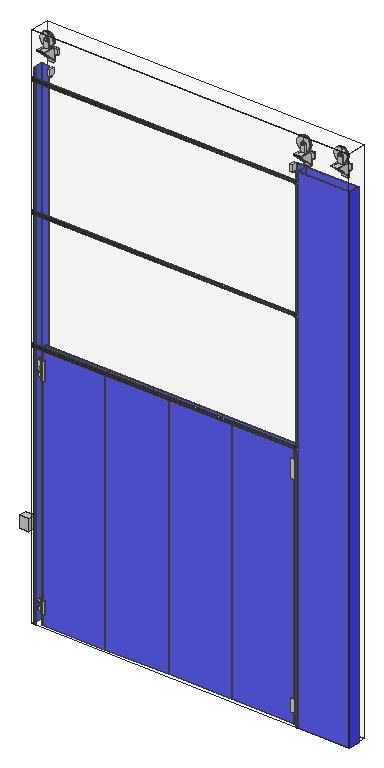
Revit family "Somati-System_GGS_Vertical-fire-sliding-system_counterweight-single_EI60", category Doors, host Wall, Revit 2018
Family settings
  Host = Wall
  OmniClass Number = 23.30.10.00
  OmniClass Title = Doors
  Always vertical = Yes
  Cut with Voids When Loaded = No
  Shared = No
  Room Calculation Point = No
Parameters (values of type "EI 60")
  Youtube clip = "https://www.youtube.com/watch?time_continue=3&v=VSmgMFHkcsw&feature=emb_logo"
  Wing top offset [instance] = 89 mm  # constant formula
  Wing thickness = 71.2 mm
  Wing access (Y) [instance] = [Height (H)] + 90 mm  # 4090 mm
  Width (W) [instance] = 4000 mm
  Weight Net (Kg) = "0"
  Uniformat II Description = ""
  Uniformat II Code = ""
  Uniclass 2015 Name = ""
  Uniclass 2015 Code = ""
  Uniclass 2.0 Description = ""
  Uniclass 2.0 Code = ""
  Uniclass 1.4 Description = ""
  Uniclass 1.4 Code = ""
  UNSPSC Code = ""
  Total height (Z) [instance] = [Console mounting axis (O1)] + 450 mm  # 8785 mm
  Thickness = 0 mm
  Technical description = "https://somati-system.pl/en/download/ggs-download-en/"
  Region South America = "None"
  Region Oceania = "None"
  Region North America = "None"
  Region Middle East = "None"
  Region Europe = "AD, AL, AT, AX, BA, BE, BG, BY, CH, CY, CZ, DE, DK, EE, ES, FI, FO, FR, GB, GG, GI, GR, HR, HU, IE, IM, IS, IT, JE, LI, LT, LU, LV, MC, MD, ME, MK, MT, NL, NO, PL, PT, RO, RS, RU, SE, SI, SJ, SK, SM, UA, VA"
  Region Asia = "None"
  Region Antarctica = "None"
  Region Africa = "None"
  QR code = "http://bimobject.com/somati-system/product/GGS_VERTICAL_FIRE_SLIDING_DOOR"
  Product url = "https://somati-system.pl/en/products/ggs-vertical-fire-sliding-doors/"
  Product group = "GGS"
  Product family = "GGS"
  Product data url = "https://bimobject.com/somati-system/product/GGS_VERTICAL_FIRE_SLIDING_DOOR"
  Product certification = ""
  Product SKU = "GGS_VERTICAL_FIRE_SLIDING_DOOR"
  Product Guid = "5bca31b6-f156-4a66-a39c-9698f8e5fb81"
  OmniClass Description = ""
  OmniClass Code = ""
  Nominal width = 0 mm
  Nominal height = 0 mm
  NBS Reference Description = ""
  NBS Reference Code = ""
  Material secondary = "Composite"
  Material main = "Steel"
  Masterformat 2014 Description = ""
  Masterformat 2014 Code = ""
  Manufacturer name = "Somati System"
  Manufacturer country = "Poland"
  Installation instructions = ""
  IFC Classification = ""
  GTIN code = ""
  Edition number = 1
  Design country = "Poland"
  Date of publishing = ""
  Ctrl box offset [instance] = 115 mm
  COBIe Type Category = ""
  Brand url = ""
  BIMobject main category code = "doors"
  BIMobject main category = "Doors"
  BIMobject category code = "doors-fire"
  BIMobject category = "Fire Doors & Shutters"
  Assembly material [instance] = Somati - Stainless Steel - 7035
  Power supply of control panel = "Electromagnetic brake:1 x 230V/50Hz/6A, SI : 1x230V/50HZ/20A, Hydraulic: 3x 400V/50 HZ/16A"  # constant formula
  Panel width [instance] = ([Width (W)] + 181 mm) / Number of panels in wing  # 1045.25 mm
  Material [instance] = Somati - Stainless Steel - Custom
  Panel height [instance] = [Height (H)] + Wing top offset  # 4089 mm
  Number of panels in wing [instance] = roundup([Width (W)] / 1000 mm)  # 4
  No of beams [instance] = roundup(([Wing access (Y)] - 155 mm) / 1930 mm)  # 3
  Model = "GGS"  # constant formula
  Max number of opening cycles = 50000  # constant formula
  Manufacturer = "Somati System"  # constant formula
  Installation width (D) [instance] = [Width (W)] + 2 mm * 185  # 4370 mm
  Height (H) [instance] = 4000 mm
  Hardware material [instance] = Somati - Stainless Steel - 7035
  Gate Control type = "electromagnetic brake, SI engine, hydraulic drive"  # constant formula
  Function = Interior
  Height = 3000 mm
  Wall Closure = By host
  Width = 2500 mm
  Fire resistance = "EI 60, EI 120 n"  # constant formula
  Cunterweight housing control [instance] = if([Counterweight housing (P)] < 770 mm, 770 mm, if([Counterweight housing (P)] > 1190 mm, 1190 mm, [Counterweight housing (P)]))  # 1050 mm
  Counterweight housing (P) [instance] = 1050 mm
  Console mounting points (K) [instance] = 155 mm  # constant formula
  Console mounting axis (O2) [instance] = [Console mounting axis (O1)] - 50 mm  # 8285 mm
  Console mounting axis (O1) [instance] = [Height (H)] + [Wing access (Y)] + 245 mm  # 8335 mm
  Clearance Area Visibility [instance] = yes
  Available surface fnish = "Galvanized Stainless Steel PVC, MDF, HDF, laminate or veneer, STANDARD RAL 7035, 9002, 9006, 9010, and powder coating of whole RAL pallet"  # constant formula
Reference planes
  plane 1: y = 0
  plane 2 "Center (Left/Right)": x = 0
  plane 3 "Left": x = -2000
  plane 4 "Right": x = 2000
  plane 5 "Cutout height": z = 4000
  plane 6 "Exterior": y = 75
  plane 7 "Interior": y = -75
  plane 8 "Consoles mounting axis": z = 8335
  plane 9 "Total height top": z = 8785
  plane 10 "Consoles mounting axis 2": z = 8285
  plane 11 "Counterweight housing": x = 3050
  plane 12 "Handle": z = 1050
  plane 13 "Wing end left": x = -2088
  plane 14 "Wing end top": z = 4089
  plane 15 "Wing end right": x = 2063
  plane 16: y = -324
  plane 17 "Wing axis": y = -150
  plane 18: y = -75
  plane 19: y = -114.4
  plane 20: y = -185.6
  plane 21: x = -2090
  plane 22: x = -2045
  plane 23: y = -210.6
  plane 24: y = -89.4
  plane 25 "counter": x = -2185
  plane 26: x = 2185
  plane 27 "K1": z = 8490
  plane 28 "wing access": z = 8090
  plane 29: z = 4115
  plane 30: y = -245
  plane 31: x = 2615
  plane 32: z = 170
  plane 33: z = 3919
  plane 34 "ctrl box right": x = -2300
  plane 35 "ctrl box left": x = -2445
  plane 36 "ctrl box axis": z = 1400
  plane 37: z = 1497.5
  plane 38: z = 1302.5
  plane 39: x = 2500
  plane 40: x = -2500
  plane 41: y = -375
  plane 42: z = 8440
  plane 43: z = 8230
  plane 44: x = -2018
  plane 45: x = -1983
  plane 46: x = 1986.6
  plane 47: x = 2221.6
  plane 48: x = 2836.6
  plane 49: x = 2093
  plane 50: x = -2202
Forms (mm)
  Sweep 1, solid
    path origin (0, -75, 0) x (1, 0, 0) y (0, 0, 1)
      loop
        line (-2000, 0) -> (-2000, 3982) -> (2000, 3982)
    profile origin (-2000, -75, 1991) x (-1, 0, 0) y (0, -1, 0)
      loop
        line (5, 33) -> (5, 4)
        arc (5, 4) -> (6.172, 1.172) -> (9, 0) r 4
        line (9, 0) -> (51, 0)
        arc (51, 0) -> (53.828, 1.172) -> (55, 4) r 4
        line (55, 4) -> (55, 29)
        arc (55, 29) -> (55.586, 30.414) -> (57, 31) r 2
        line (57, 31) -> (78, 31) -> (78, 33) -> (5, 33)
  Sweep 2, solid, material "Somati - Stainless Steel - Custom" <- "Material"
    path origin (0, -75, 0) x (1, 0, 0) y (0, 0, 1)
      loop
        line (-2088, 4089) -> (-2088, 0)
    profile origin (-2088, -75, 2044.5) x (0, -1, 0) y (1, 0, 0)
      loop
        arc (17.6, 2) -> (18.772, -0.828) -> (21.6, -2) r 4
        line (21.6, -2) -> (113.6, -2)
        arc (113.6, -2) -> (116.428, -0.828) -> (117.6, 2) r 4
        line (117.6, 2) -> (117.6, 13) -> (115.6, 13) -> (115.6, 2)
        arc (115.6, 2) -> (115.014, 0.586) -> (113.6, 0) r 2
        line (113.6, 0) -> (21.6, 0)
        arc (21.6, 0) -> (20.186, 0.586) -> (19.6, 2) r 2
        line (19.6, 2) -> (19.6, 23) -> (17.6, 23) -> (17.6, 2)
  Sweep 3, solid, material "Somati - Stainless Steel - Custom" <- "Material"
    path origin (0, -75, 0) x (1, 0, 0) y (0, 0, 1)
      loop
        line (-2090, 4089) -> (2063, 4089)
    profile origin (-13.5, -75, 4089) x (0, 0, 1) y (0, -1, 0)
      loop
        line (-23, 19.5) -> (-23, 17.5) -> (-2, 17.5)
        arc (-2, 17.5) -> (0.828, 18.672) -> (2, 21.5) r 4
        line (2, 21.5) -> (2, 117.5) -> (0, 117.5) -> (0, 21.5)
        arc (0, 21.5) -> (-0.586, 20.086) -> (-2, 19.5) r 2
        line (-2, 19.5) -> (-23, 19.5)
  Sweep 4, solid, material "Somati - Stainless Steel - Custom" <- "Material"
    path origin (0, -75, 0) x (1, 0, 0) y (0, 0, 1)
      loop
        line (2063, 8230) -> (2063, 0)
    profile origin (2063, -75, 4115) x (0, -1, 0) y (1, 0, 0)
      loop
        line (0, 113.6) -> (0, -11.4) -> (3, -11.4) -> (3, 113.6)
        arc (3, 113.6) -> (4.582, 117.418) -> (8.4, 119) r 5.4
        line (8.4, 119) -> (161.6, 119)
        arc (161.6, 119) -> (165.418, 117.418) -> (167, 113.6) r 5.4
        line (167, 113.6) -> (167, 87) -> (170, 87) -> (170, 113.6)
        arc (170, 113.6) -> (167.54, 119.54) -> (161.6, 122) r 8.4
        line (161.6, 122) -> (8.4, 122)
        arc (8.4, 122) -> (2.46, 119.54) -> (0, 113.6) r 8.4
  Sweep 5, solid, material "Somati - Stainless Steel - Custom" <- "Material"
    path origin (0, -75, 0) x (1, 0, 0) y (0, 0, 1)
      loop
        line (-2185, 8230) -> (-2185, 0)
    profile origin (-2185, -75, 4115) x (0, -1, 0) y (1, 0, 0)
      loop
        line (3, 125) -> (0, 125) -> (0, 8.4)
        arc (0, 8.4) -> (2.46, 2.46) -> (8.4, 0) r 8.4
        line (8.4, 0) -> (161.6, 0)
        arc (161.6, 0) -> (167.54, 2.46) -> (170, 8.4) r 8.4
        line (170, 8.4) -> (170, 35) -> (167, 35) -> (167, 8.4)
        arc (167, 8.4) -> (165.418, 4.582) -> (161.6, 3) r 5.4
        line (161.6, 3) -> (8.4, 3)
        arc (8.4, 3) -> (4.582, 4.582) -> (3, 8.4) r 5.4
        line (3, 8.4) -> (3, 125)
  Sweep 6, solid, material "Somati - Stainless Steel - Custom" <- "Material"
    path origin (10, -75, 0) x (-1, 0, 0) y (0, 0, 1)
      loop
        line (-2083, 4089) -> (-2083, 0)
    profile origin (2093, -75, 2044.5) x (0, -1, 0) y (1, 0, 0)
      loop
        line (17.6, -2) -> (17.6, -23) -> (19.6, -23) -> (19.6, -2)
        arc (19.6, -2) -> (20.186, -0.586) -> (21.6, 0) r 2
        line (21.6, 0) -> (113.6, 0)
        arc (113.6, 0) -> (115.014, -0.586) -> (115.6, -2) r 2
        line (115.6, -2) -> (115.6, -13) -> (117.6, -13) -> (117.6, -2)
        arc (117.6, -2) -> (116.428, 0.828) -> (113.6, 2) r 4
        line (113.6, 2) -> (21.6, 2)
        arc (21.6, 2) -> (18.772, 0.828) -> (17.6, -2) r 4
  Extrusion 7, solid, material "Clearance Areas", visible <- "Clearance Area Visibility"
    sketch origin (5680.186, 2031.48, 220.701) x (1, 0, 0) y (0, 0, -1)
      loop
        line (-7882.186, 220.701) -> (-7882.186, -8564.299) -> (-2647.186, -8564.299) -> (-2647.186, 220.701) -> (-7882.186, 220.701)
    from -2292.08 to -1956.48
  Extrusion 8, solid, material "Somati - Stainless Steel - 7035" <- "Hardware material"
    sketch origin (0, -75, 0) x (1, 0, 0) y (0, 0, 1)
      loop
        line (-2445, 1497.5) -> (-2445, 1302.5) -> (-2300, 1302.5) -> (-2300, 1497.5) -> (-2445, 1497.5)
    from 0 to 117.6
  Extrusion 9, solid, material "Somati - Stainless Steel - Custom" <- "Material"
    sketch origin (0, 0, 0) x (1, 0, 0) y (0, 1, 0)
      loop
        line (3050, -75) -> (2185, -75) -> (2185, -245) -> (3050, -245) -> (3050, -75)
      loop
        line (2190, -80) -> (2190, -240) -> (3045, -240) -> (3045, -80) -> (2190, -80)
    from 0 to 8230
  Sweep 10, solid, material "Somati - Stainless Steel - Custom", not visible
    path origin (0, -75, 0) x (1, 0, 0) y (0, 0, 1)
      loop
        line (2000, 0) -> (2000, 4089)
    profile origin (2000, -75, 2044.5) x (-1, 0, 0) y (0, -1, 0)
      loop
        arc (-9, 0) -> (-6.172, 1.172) -> (-5, 4) r 4
        line (-5, 4) -> (-5, 33) -> (-61, 33) -> (-61, 30) -> (-40, 30) -> (-40, 4)
        arc (-40, 4) -> (-38.828, 1.172) -> (-36, 0) r 4
        line (-36, 0) -> (-9, 0)
Lines and regions (mm)
  Opening 1
    outline origin (-3050, -75, 0) x (1, 0, 0) y (0, 0, 1)
      loop
        line (1050, 0) -> (5050, 0) -> (5050, 4000) -> (1050, 4000) -> (1050, 0)
Text (mm)
  text "Exterior" at (-2295.016, 1099.543, 0), in view "Ref. Level"
  text "Exterior" at (0, 1615.38, 3698.081), in view "Left"
  text "Exterior" at (0, 1036.032, 3874.932), in view "Right"
Dimensions and locks
  equal spacing: plane 3 "Left", plane 2 "Center (Left/Right)", plane 4 "Right"
  "Width (W)": plane 3 "Left" to plane 4 "Right"
  "Height (H)": plane 5 "Cutout height" to host wall
  host wall to plane 5 "Cutout height" = 4000 mm  (x2)
  locked: plane 6 "Exterior" to host wall at 0
  locked: plane 7 "Interior" to host wall
  "Total height (Z)": plane 9 "Total height top" to level
  "Console mounting axis (O1)": plane 8 "Consoles mounting axis" to level
  "Console mounting axis (O2)": plane 10 "Consoles mounting axis 2" to level
  "Cunterweight housing control": plane 4 "Right" to plane 11 "Counterweight housing"
  locked: plane 12 "Handle" to level at 1050
  equal spacing: plane 19, plane 17 "Wing axis", plane 20
  equal spacing: group 1, group 3, group 6, group 2  (x3)
  locked: plane 4 "Right" to plane 15 "Wing end right" at 63
  "Wing top offset": plane 14 "Wing end top" to plane 5 "Cutout height"
  locked: plane 21 to plane 13 "Wing end left" at 2
  locked: Sweep 1 sketch curve to plane 5 "Cutout height" at 18
  locked: plane 22 to plane 3 "Left" at 45
  locked: plane 24 to plane 19 at 25
  locked: plane 20 to plane 23 at 25
  equal spacing: plane 26, plane 2 "Center (Left/Right)", plane 25 "counter"
  "Installation width (D)": plane 26 to plane 25 "counter"
  "Console mounting points (K)": plane 27 "K1" to plane 8 "Consoles mounting axis"
  "Wing access (Y)": plane 5 "Cutout height" to plane 28 "wing access"
  locked: plane 29 to plane 14 "Wing end top" at 26
  locked: host wall to plane 30 at 170
  equal spacing: group 4, group 7, group 5  (x3)
  locked: plane 4 "Right" to plane 31 at 615
  locked: plane 25 "counter" to plane 13 "Wing end left" at 97
  locked: plane 29 to plane 33 at 196
  locked: plane 32 to level at 170
  "Ctrl box offset": plane 34 "ctrl box right" to plane 25 "counter"
  locked: plane 36 "ctrl box axis" to level at 1400
  locked: plane 37 to plane 38 at 195
  locked: plane 34 "ctrl box right" to plane 35 "ctrl box left" at 145
  plane 17 "Wing axis" to plane 23 = 60.6 mm
  locked: plane 4 "Right" to plane 39 at 500
  locked: plane 40 to plane 3 "Left" at 500
  locked: host wall to plane 41 at 300
  "Console mounting points (K)": plane 42 to plane 10 "Consoles mounting axis 2"
  locked: plane 8 "Consoles mounting axis" to plane 43 at 105
  locked: plane 44 to plane 34 "ctrl box right" at 282
  locked: plane 44 to plane 45 at 35
  locked: plane 39 to plane 46 at 513.4
  locked: plane 47 to plane 46 at 235
  locked: plane 48 to plane 47 at 615
  locked: plane 19 to plane 20 at 71.2
  locked: plane 18 to plane 19 at 39.4
  locked: plane 4 "Right" to plane 49 at 93
  locked: plane 50 to plane 25 "counter" at 17
  aligned and locked: plane 3 "Left" to Opening 1 sketch curve
  aligned and locked: plane 5 "Cutout height" to Opening 1 sketch curve  (x2)
  aligned and locked: Opening 1 sketch curve to plane 4 "Right"
  aligned and locked: Opening 1 sketch curve to level
  aligned and locked: host wall to plane 1
  aligned and locked: nested 1 to plane 17 "Wing axis"
  aligned and locked: plane 13 "Wing end left" to nested 1
  aligned and locked: Sweep 1 sketch curve to plane 3 "Left"
  aligned and locked: plane 3 "Left" to Sweep 1 sketch curve
  aligned and locked: plane 4 "Right" to Sweep 1 sketch curve
  aligned and locked: level to Sweep 1 sketch curve
  aligned and locked: Sweep 2 sketch curve to plane 13 "Wing end left"
  aligned and locked: plane 14 "Wing end top" to Sweep 2 sketch curve
  aligned and locked: level to Sweep 2 sketch curve
  aligned and locked: Sweep 3 sketch curve to plane 14 "Wing end top"
  aligned and locked: Sweep 3 sketch curve to plane 21
  aligned and locked: plane 15 "Wing end right" to Sweep 3 sketch curve
  aligned and locked: Sweep 4 sketch curve to plane 15 "Wing end right"
  aligned and locked: level to Sweep 5 sketch curve
  aligned and locked: Sweep 5 sketch curve to plane 25 "counter"
  aligned and locked: plane 2 "Center (Left/Right)" to nested 4
  aligned and locked: nested 4 to plane 29
  aligned and locked: nested 4 to plane 30
  aligned and locked: nested 3 to plane 17 "Wing axis"
  aligned and locked: nested 2 to plane 17 "Wing axis"
  aligned and locked: nested 5 to plane 30
  aligned and locked: plane 28 "wing access" to nested 5
  aligned and locked: host wall to nested 6
  aligned and locked: nested 7 to host wall
  aligned and locked: host wall to nested 8
  aligned and locked: plane 14 "Wing end top" to Sweep 6 sketch curve
  aligned and locked: nested 11 to Sweep 6  (x2)
  aligned and locked: nested 12 to Sweep 6  (x2)
  aligned and locked: nested 13 to Sweep 2  (x2)
  aligned and locked: nested 14 to Sweep 2  (x2)
  aligned and locked: plane 32 to nested 14
  aligned and locked: plane 32 to nested 12
  aligned and locked: plane 33 to nested 11
  aligned and locked: nested 13 to plane 33
  aligned and locked: Extrusion 7 to plane 6 "Exterior"
  aligned and locked: plane 9 "Total height top" to Extrusion 7
  aligned and locked: Sweep 2 to Extrusion 8
  aligned and locked: plane 11 "Counterweight housing" to Extrusion 9
  aligned and locked: Sweep 10 sketch curve to plane 4 "Right"
  aligned and locked: level to Sweep 10 sketch curve
  aligned and locked: plane 14 "Wing end top" to Sweep 10 sketch curve
  aligned and locked: plane 42 to nested 7
  aligned and locked: plane 27 "K1" to nested 6
  aligned and locked: plane 27 "K1" to nested 8
  aligned and locked: plane 43 to Sweep 5 sketch curve
  aligned and locked: plane 43 to Sweep 4 sketch curve
  aligned and locked: plane 43 to Extrusion 9
  aligned and locked: host wall to nested 10
  aligned and locked: nested 9 to host wall
  aligned and locked: plane 43 to nested 9
  aligned and locked: nested 9 to plane 45
  aligned and locked: nested 10 to plane 43
  aligned and locked: plane 46 to nested 10
  aligned and locked: plane 47 to nested 7
  aligned and locked: plane 48 to nested 8
  aligned and locked: nested 6 to plane 44
  aligned and locked: Sweep 6 to plane 49
  aligned and locked: plane 49 to nested 2
  aligned and locked: Extrusion 7 to plane 50
Automatic sketch dimensions
  plane 7 "Interior" to Sweep 1 sketch curve = 0 mm
  Sweep 1 sketch curve to profile plane = 5 mm
  Sweep 1 sketch curve to Sweep 1 sketch curve = 4 mm
  plane 7 "Interior" to Sweep 1 sketch curve = 4 mm
  Sweep 1 sketch curve to Sweep 1 sketch curve = 42 mm
  Sweep 1 sketch curve to Sweep 1 sketch curve = 2 mm
  Sweep 1 sketch curve to Sweep 1 sketch curve = 21 mm
  Sweep 1 sketch curve to Sweep 1 sketch curve = 25 mm
  Sweep 1 sketch curve to Sweep 1 sketch curve = 29 mm
  Sweep 2 sketch curve to Sweep 2 sketch curve = 0 mm  (x4)
  Sweep 2 sketch curve to profile plane = 0 mm
  Sweep 2 sketch curve to profile plane = 2 mm  (x2)
  plane 7 "Interior" to Sweep 2 sketch curve = 17.6 mm
  Sweep 2 sketch curve to Sweep 2 sketch curve = 2 mm
  Sweep 2 sketch curve to Sweep 2 sketch curve = 92 mm
  Sweep 2 sketch curve to Sweep 2 sketch curve = 11 mm
  Sweep 2 sketch curve to Sweep 2 sketch curve = 21 mm
  Sweep 3 sketch curve to Sweep 3 sketch curve = 0 mm  (x2)
  profile plane to Sweep 3 sketch curve = 0 mm
  profile plane to Sweep 3 sketch curve = 2 mm
  Sweep 3 sketch curve to Sweep 3 sketch curve = 21 mm
  Sweep 3 sketch curve to Sweep 3 sketch curve = 2 mm
  plane 7 "Interior" to Sweep 3 sketch curve = 17.5 mm
  Sweep 3 sketch curve to Sweep 3 sketch curve = 96 mm
  Sweep 4 sketch curve to level = 0 mm
  Sweep 5 sketch curve to Sweep 5 sketch curve = 0 mm  (x4)
  plane 7 "Interior" to Sweep 5 sketch curve = 0 mm
  Sweep 5 sketch curve to profile plane = 0 mm
  Sweep 5 sketch curve to Sweep 5 sketch curve = 3 mm
  Sweep 5 sketch curve to Sweep 5 sketch curve = 5.4 mm
  Sweep 5 sketch curve to profile plane = 8.4 mm
  Sweep 5 sketch curve to Sweep 5 sketch curve = 153.2 mm
  Sweep 5 sketch curve to Sweep 5 sketch curve = 26.6 mm
  Sweep 5 sketch curve to Sweep 5 sketch curve = 116.6 mm
  Sweep 6 sketch curve to level = 0 mm
  Sweep 6 sketch curve to Sweep 6 sketch curve = 0 mm  (x4)
  Sweep 6 sketch curve to profile plane = 0 mm
  profile plane to Sweep 6 sketch curve = 2 mm  (x2)
  plane 7 "Interior" to Sweep 6 sketch curve = 17.6 mm
  Sweep 6 sketch curve to Sweep 6 sketch curve = 2 mm
  Sweep 6 sketch curve to Sweep 6 sketch curve = 92 mm
  Sweep 6 sketch curve to Sweep 6 sketch curve = 11 mm
  Sweep 6 sketch curve to Sweep 6 sketch curve = 21 mm
  Extrusion 7 sketch curve to level = 0 mm
  plane 29 to Extrusion 7 sketch curve = 4670 mm
  Extrusion 7 sketch curve to plane 11 "Counterweight housing" = 5252 mm
  Extrusion 7 sketch curve to Extrusion 7 sketch curve = 5235 mm
  Extrusion 8 sketch curve to plane 35 "ctrl box left" = 0 mm
  Extrusion 8 sketch curve to plane 34 "ctrl box right" = 0 mm
  Extrusion 8 sketch curve to plane 38 = 0 mm
  Extrusion 8 sketch curve to plane 37 = 0 mm
  host wall to Extrusion 9 sketch curve = 0 mm
  Extrusion 9 sketch curve to plane 26 = 0 mm
  Extrusion 9 sketch curve to plane 11 "Counterweight housing" = 0 mm
  plane 16 to Extrusion 9 sketch curve = 79 mm
  plane 26 to Extrusion 9 sketch curve = 5 mm
  Extrusion 9 sketch curve to plane 11 "Counterweight housing" = 5 mm
  plane 16 to Extrusion 9 sketch curve = 84 mm
  host wall to Extrusion 9 sketch curve = 5 mm
  Sweep 4 sketch curve to Sweep 4 sketch curve = 0 mm  (x4)
  plane 7 "Interior" to Sweep 4 sketch curve = 0 mm
  plane 7 "Interior" to Sweep 4 sketch curve = 3 mm
  Sweep 4 sketch curve to Sweep 4 sketch curve = 5.4 mm  (x2)
  Sweep 4 sketch curve to Sweep 4 sketch curve = 153.2 mm
  Sweep 4 sketch curve to profile plane = 87 mm
  Sweep 4 sketch curve to Sweep 4 sketch curve = 26.6 mm
  profile plane to Sweep 4 sketch curve = 11.4 mm
  plane 7 "Interior" to Sweep 10 sketch curve = 0 mm
  profile plane to Sweep 10 sketch curve = 5 mm
  Sweep 10 sketch curve to Sweep 10 sketch curve = 4 mm
  plane 7 "Interior" to Sweep 10 sketch curve = 4 mm
  Sweep 10 sketch curve to Sweep 10 sketch curve = 27 mm
  Sweep 10 sketch curve to Sweep 10 sketch curve = 21 mm
  Sweep 10 sketch curve to Sweep 10 sketch curve = 26 mm
  Sweep 10 sketch curve to Sweep 10 sketch curve = 29 mm
  Sweep 6 sketch curve to plane 49 = 0 mm
Nested families
  nested 1: "Family2" at (-1565.375, -150, 0), Material <- "Material", Width <- "Panel width", Thickness <- "Wing thickness", Height <- "Panel height", type "Family2"
    with Width 1045.25 mm, Thickness 71.2 mm, Material Somati - Stainless Steel - Custom, Height 4089 mm
  nested 2: "Family2" at (1570.375, -150, 0), Material <- "Material", Width <- "Panel width", Thickness <- "Wing thickness", Height <- "Panel height", type "Family2"
    with Width 1045.25 mm, Thickness 71.2 mm, Material Somati - Stainless Steel - Custom, Height 4089 mm
  nested 3: "Family2" at (-520.125, -150, 0), Material <- "Material", Width <- "Panel width", Thickness <- "Wing thickness", Height <- "Panel height", type "Family2"
    with Width 1045.25 mm, Thickness 71.2 mm, Material Somati - Stainless Steel - Custom, Height 4089 mm
  nested 4: "Family8" at (0, -245, 4115), type "Family8"
    with Width 4370 mm
  nested 5: "Family8" at (0, -245, 8050), type "Family8"
    with Width 4370 mm
  nested 6: "Family9" at (-2018, -75, 8315), type "Family9"
  nested 7: "Family9" at (2221.6, -75, 8265) x (-1, 0, 0) z (0, 0, 1), type "Family9"
  nested 8: "Family9" at (2836.6, -75, 8315), type "Family9"
  nested 9: "Stopper" at (-2000.874, -115, 8112.358), type "Stopper"
  nested 10: "Stopper" at (2004.474, -115, 8112.358) x (-1, 0, 0) z (0, 0, 1), type "Stopper"
  nested 11: "Family10" at (2095, -192.6, 3619), type "Family10"
  nested 12: "Family11" at (2095, -192.6, 170), type "Family11"
  nested 13: "Family10" at (-2090, -192.6, 3619) x (-1, 0, 0) z (0, 0, 1), type "Family10"
  nested 14: "Family11" at (-2090, -192.6, 170) x (-1, 0, 0) z (0, 0, 1), type "Family11"
  nested 15: "Family2" at (525.125, -150, 0), Material <- "Material", Width <- "Panel width", Thickness <- "Wing thickness", Height <- "Panel height", type "Family2"
    with Width 1045.25 mm, Thickness 71.2 mm, Material Somati - Stainless Steel - Custom, Height 4089 mm
  nested 16: "Family8" at (0, -245, 6082.5), type "Family8"
    with Width 4370 mm
Definition of nested family "Family2"
  Parameters (values of type "Family2")
    Width [instance] = 349.761 mm
    Thickness [instance] = 117.742 mm
    Material [instance] = none
    Height [instance] = 398.765 mm
    Hardware material = none
  Reference planes
    plane 1 "Center (Front/Back)": y = 0
    plane 2: z = 0
    plane 3 "Center (Left/Right)": x = 0
    plane 4: x = -174.88
    plane 5: x = 174.88
    plane 6: y = 58.871
    plane 7: y = -58.871
    plane 8: z = 398.765
  Forms (mm)
    Extrusion 1, solid, material <- "Material"
      sketch origin (0, 0, 0) x (1, 0, 0) y (0, 1, 0)
        loop
          line (-174.88, -58.871) -> (174.88, -58.871) -> (174.88, 58.871) -> (-174.88, 58.871) -> (-174.88, -58.871)
      from 0 to 398.765
  Dimensions and locks
    equal spacing: plane 4, plane 3 "Center (Left/Right)", plane 5
    "Width": plane 4 to plane 5
    equal spacing: plane 6, plane 1 "Center (Front/Back)", plane 7
    "Thickness": plane 6 to plane 7
    "Height": plane 8 to plane 2
    aligned and locked: level to plane 2
    aligned and locked: plane 6 to Extrusion 1
    aligned and locked: Extrusion 1 to plane 7
    aligned and locked: Extrusion 1 to plane 4
    aligned and locked: plane 5 to Extrusion 1
    aligned and locked: plane 6 to Extrusion 1 sketch curve
    aligned and locked: Extrusion 1 sketch curve to plane 7
    aligned and locked: Extrusion 1 sketch curve to plane 4
    aligned and locked: plane 5 to Extrusion 1 sketch curve
    aligned and locked: plane 8 to Extrusion 1
Definition of nested family "Family8"
  Parameters (values of type "Family8")
    Width = 1480 mm
    Material = none
  Reference planes
    plane 1 "Center (Front/Back)": y = 0
    plane 2: z = 0
    plane 3 "Center (Left/Right)": x = 0
    plane 4: x = -740
    plane 5: x = 740
  Forms (mm)
    Extrusion 1, solid, material <- "Material"
      sketch origin (0, 0, 0) x (0, 1, 0) y (0, 0, 1)
        loop
          arc (-2.5, 38.5) -> (-1.793, 38.207) -> (-1.5, 37.5) r 1
          line (-1.5, 37.5) -> (-1.5, 2.5)
          arc (-1.5, 2.5) -> (-1.793, 1.793) -> (-2.5, 1.5) r 1
          line (-2.5, 1.5) -> (-17.5, 1.5)
          arc (-17.5, 1.5) -> (-18.207, 1.793) -> (-18.5, 2.5) r 1
          line (-18.5, 2.5) -> (-18.5, 9) -> (-20, 9) -> (-20, 2)
          arc (-20, 2) -> (-19.414, 0.586) -> (-18, 0) r 2
          line (-18, 0) -> (-2, 0)
          arc (-2, 0) -> (-0.586, 0.586) -> (0, 2) r 2
          line (0, 2) -> (0, 38)
          arc (0, 38) -> (-0.586, 39.414) -> (-2, 40) r 2
          line (-2, 40) -> (-18, 40)
          arc (-18, 40) -> (-19.414, 39.414) -> (-20, 38) r 2
          line (-20, 38) -> (-20, 31) -> (-18.5, 31) -> (-18.5, 37.5)
          arc (-18.5, 37.5) -> (-18.207, 38.207) -> (-17.5, 38.5) r 1
          line (-17.5, 38.5) -> (-2.5, 38.5)
      from -740 to 740
  Dimensions and locks
    equal spacing: plane 4, plane 3 "Center (Left/Right)", plane 5
    "Width": plane 4 to plane 5
    aligned and locked: level to plane 2
    aligned and locked: Extrusion 1 to plane 4
    aligned and locked: plane 5 to Extrusion 1
  Automatic sketch dimensions
    Extrusion 1 sketch curve to level = 0 mm
    Extrusion 1 sketch curve to plane 1 "Center (Front/Back)" = 0 mm
    plane 1 "Center (Front/Back)" to Extrusion 1 sketch curve = 1.5 mm
    plane 1 "Center (Front/Back)" to Extrusion 1 sketch curve = 2 mm
    Extrusion 1 sketch curve to Extrusion 1 sketch curve = 0.5 mm  (x6)
    Extrusion 1 sketch curve to Extrusion 1 sketch curve = 15 mm  (x2)
    level to Extrusion 1 sketch curve = 2.5 mm
    Extrusion 1 sketch curve to Extrusion 1 sketch curve = 1 mm  (x2)
    Extrusion 1 sketch curve to Extrusion 1 sketch curve = 1.5 mm  (x2)
    Extrusion 1 sketch curve to Extrusion 1 sketch curve = 6.5 mm  (x2)
    Extrusion 1 sketch curve to Extrusion 1 sketch curve = 22 mm
Definition of nested family "Family9"
  Parameters (values of type "Family9")
    Material = none
  Reference planes
    plane 1 "Center (Front/Back)": y = 0
    plane 2: z = 0
    plane 3 "Center (Left/Right)": x = 0
  Forms (mm)
    Extrusion 1, solid, material <- "Material"
      sketch origin (0, 0, 0) x (1, 0, 0) y (0, 0, 1)
        loop
          line (-60, 125) -> (-60, 10) -> (-50, 0) -> (50, 0) -> (60, 10) -> (60, 125) -> (102.5, 125) -> (112.5, 135) -> (112.5, 215) -> (102.5, 225) -> (-102.5, 225) -> (-112.5, 215) -> (-112.5, 135) -> (-102.5, 125) -> (-60, 125)
      from 0 to 10
    Extrusion 2, solid, material <- "Material"
      sketch origin (0, 0, 0) x (0, 1, 0) y (0, 0, 1)
        loop
          line (-10, 37) -> (-10, 192.786) -> (-44.024, 225) -> (-208, 225) -> (-208, 215) -> (-20, 37) -> (-10, 37)
      from -50 to -40
    Extrusion 3, solid, material <- "Material"
      sketch origin (0, 0, 0) x (0, 1, 0) y (0, 0, -1)
        loop
          line (-10, -37) -> (-20, -37) -> (-208, -215) -> (-208, -225) -> (-44.024, -225) -> (-10, -192.786) -> (-10, -37)
      from -50 to -40
    Extrusion 4, solid, material <- "Material"
      sketch origin (0, 0, 0) x (1, 0, 0) y (0, 0, 1)
        loop
          line (-40, 235) -> (40, 235) -> (40, 365) -> (15, 390) -> (-15, 390) -> (-40, 365) -> (-40, 235)
      from 56 to 62
    Extrusion 5, solid, material <- "Material"
      sketch origin (0, -167, 0) x (1, 0, 0) y (0, 0, -1)
        loop
          line (-40, -235) -> (-40, -365) -> (-15, -390) -> (15, -390) -> (40, -365) -> (40, -235) -> (-40, -235)
      from 56 to 62
    Extrusion 6, solid, material <- "Material"
      sketch origin (0, 0, 0) x (0, 1, 0) y (0, 0, 1)
        loop
          line (-225, 225) -> (0, 225) -> (0, 235) -> (-225, 235) -> (-225, 225)
      from -60 to 60
    Revolve 7, solid, material <- "Material"
      sketch origin (0, 0, 0) x (0, 1, 0) y (0, 0, 1)
        loop
          line (-71, 470) -> (-73.264, 470)
          arc (-73.264, 470) -> (-75.522, 469.302) -> (-76.992, 467.451) r 4
          line (-76.992, 467.451) -> (-80.704, 457.912)
          arc (-80.704, 457.912) -> (-83.5, 456) -> (-86.296, 457.912) r 3
          line (-86.296, 457.912) -> (-90.008, 467.451)
          arc (-90.008, 467.451) -> (-91.478, 469.302) -> (-93.736, 470) r 4
          line (-93.736, 470) -> (-96, 470) -> (-96, 392.5) -> (-104, 392.5) -> (-104, 372.5) -> (-115, 372.5) -> (-115, 360) -> (-52, 360) -> (-52, 372.5) -> (-63, 372.5) -> (-63, 392.5) -> (-71, 392.5) -> (-71, 470)
        axis (-52, 360) -> (-115, 360)
      angle from 0 to 360
  Lines and regions (mm)
    reference lines
      curve 1: line (-110, 0, 360) -> (110, 0, 360)
      curve 2: line (-112.5, 0, 175) -> (112.5, 0, 175)
  Dimensions and locks
    aligned and locked: level to plane 2
Definition of nested family "Stopper"
  Parameters (values of type "Stopper")
    Material = none
  Reference planes
    plane 1 "Center (Front/Back)": y = 0
    plane 2: z = 0
    plane 3 "Center (Left/Right)": x = 0
  Forms (mm)
    Extrusion 1, solid
      sketch origin (68.691, 0, 67.679) x (0, 0, -1) y (-1, 0, 0)
        loop
          line (-49.963, 50.816) -> (50, 50.816) -> (50, 87.816) -> (-49.963, 87.816) -> (-49.963, 50.816)
      from -40 to 40
    Revolve 2, solid, material <- "Material"
      sketch origin (17.874, 0, 67.679) x (0, 0, -1) y (-1, 0, 0)
        loop
          line (50, 36.9) -> (50, 18.5) -> (67.112, 18.5) -> (67.112, 36.9) -> (50, 36.9)
        axis (50, 18.5) -> (67.112, 18.5)
      angle from 0 to 360
  Dimensions and locks
    aligned and locked: level to plane 2
Definition of nested family "Family10"
  Parameters (values of type "Family10")
    Material = none
  Reference planes
    plane 1 "Center (Front/Back)": y = 0
    plane 2: z = 0
    plane 3 "Center (Left/Right)": x = 0
  Forms (mm)
    Extrusion 1, solid, material <- "Material"
      sketch origin (0, 0, 0) x (1, 0, 0) y (0, 1, 0)
        loop
          line (10, 70) -> (0, 70) -> (0, 0) -> (-60, 0) -> (-60, -10) -> (10, -10) -> (10, 70)
      from 0 to 300
    Extrusion 2, solid, material <- "Material"
      sketch origin (0, 0, 0) x (1, 0, 0) y (0, 0, 1)
        loop
          line (9.154, 155) -> (11.154, 155)
          arc (11.154, 155) -> (13.276, 155.879) -> (14.154, 158.001) r 3
          line (14.154, 158.001) -> (14.154, 185)
          arc (14.154, 185) -> (15.62, 188.537) -> (19.157, 190) r 5
          line (19.157, 190) -> (66.154, 190)
          arc (66.154, 190) -> (68.276, 190.879) -> (69.154, 193) r 3
          line (69.154, 193) -> (69.154, 195) -> (69.154, 260)
          arc (69.154, 260) -> (66.228, 267.068) -> (59.162, 270) r 10
          line (59.162, 270) -> (9.154, 270) -> (9.154, 155)
      from -60 to -10
    Extrusion 3, solid, material <- "Material"
      sketch origin (0, 0, 0) x (1, 0, 0) y (0, 0, 1)
        loop
          line (9.154, 30) -> (49.162, 30)
          arc (49.162, 30) -> (56.23, 32.933) -> (59.154, 40.005) r 10
          line (59.154, 40.005) -> (59.154, 70.005)
          arc (59.154, 70.005) -> (56.224, 77.073) -> (49.154, 80) r 10
          line (49.154, 80) -> (9.154, 80) -> (9.154, 30)
      from -52.5 to -47.5
    Extrusion 4, solid, material <- "Material"
      sketch origin (0, 70, 0) x (1, 0, 0) y (0, 0, -1)
        loop
          line (9.154, -30) -> (9.154, -80) -> (49.154, -80)
          arc (49.154, -80) -> (56.224, -77.073) -> (59.154, -70.005) r 10
          line (59.154, -70.005) -> (59.154, -40.005)
          arc (59.154, -40.005) -> (56.23, -32.933) -> (49.162, -30) r 10
          line (49.162, -30) -> (9.154, -30)
      from -52.5 to -47.5
    Extrusion 5, solid, material <- "Material"
      sketch origin (0, 0, 0) x (1, 0, 0) y (0, 0, 1)
        loop
          line (64.154, 257.913) -> (64.154, 288.509)
          arc (64.154, 288.509) -> (46.65, 306) -> (29.154, 288.5) r 17.5
          line (29.154, 288.5) -> (29.154, 272) -> (32.154, 272) -> (32.154, 257.913) -> (64.154, 257.913)
      from -47.5 to -22.5
    Extrusion 6, solid, material <- "Material"
      sketch origin (0, 0, 0) x (1, 0, 0) y (0, 0, 1)
        loop
          circle (46.154, 55) r 30
      from -47.5 to -22.5
    Revolve 7, solid, material <- "Material"
      sketch origin (0, 35, 0) x (1, 0, 0) y (0, 0, 1)
        loop
          line (71.654, 125) -> (71.654, 133) -> (70.154, 133) -> (70.154, 152.5) -> (68.654, 154) -> (41.654, 154) -> (40.154, 152.5) -> (40.154, 140) -> (9.154, 140) -> (9.154, 125) -> (71.654, 125)
        axis (9.154, 125) -> (71.654, 125)
      angle from 0 to 360
  Dimensions and locks
    aligned and locked: level to plane 2
Definition of nested family "Family11"
  Parameters (values of type "Family11")
    Material = none
  Reference planes
    plane 1 "Center (Front/Back)": y = 0
    plane 2: z = 0
    plane 3 "Center (Left/Right)": x = 0
  Forms (mm)
    Extrusion 1, solid, material <- "Material"
      sketch origin (0, 0, 0) x (1, 0, 0) y (0, 1, 0)
        loop
          line (10, 70) -> (0, 70) -> (0, 0) -> (-60, 0) -> (-60, -10) -> (10, -10) -> (10, 70)
      from 0 to 200
    Extrusion 2, solid, material <- "Material"
      sketch origin (0, 0, 0) x (1, 0, 0) y (0, 0, 1)
        loop
          line (9.154, 30) -> (49.162, 30)
          arc (49.162, 30) -> (56.23, 32.933) -> (59.154, 40.005) r 10
          line (59.154, 40.005) -> (59.154, 70.005)
          arc (59.154, 70.005) -> (56.224, 77.073) -> (49.154, 80) r 10
          line (49.154, 80) -> (9.154, 80) -> (9.154, 30)
      from -52.5 to -47.5
    Extrusion 3, solid, material <- "Material"
      sketch origin (0, 70, -5) x (1, 0, 0) y (0, 0, -1)
        loop
          line (9.154, -30) -> (9.154, -80) -> (49.154, -80)
          arc (49.154, -80) -> (56.224, -77.073) -> (59.154, -70.005) r 10
          line (59.154, -70.005) -> (59.154, -40.005)
          arc (59.154, -40.005) -> (56.23, -32.933) -> (49.162, -30) r 10
          line (49.162, -30) -> (9.154, -30)
      from -52.5 to -47.5
    Extrusion 4, solid, material <- "Material"
      sketch origin (0, 0, -5) x (1, 0, 0) y (0, 0, 1)
        loop
          circle (46.154, 55) r 30
      from -47.5 to -22.5
    Revolve 5, solid, material <- "Material"
      sketch origin (0.846, 35, 25) x (1, 0, 0) y (0, 0, 1)
        loop
          line (71.654, 125) -> (71.654, 133) -> (70.154, 133) -> (70.154, 152.5) -> (68.654, 154) -> (41.654, 154) -> (40.154, 152.5) -> (40.154, 140) -> (9.154, 140) -> (9.154, 125) -> (71.654, 125)
        axis (9.154, 125) -> (71.654, 125)
      angle from 0 to 360
  Dimensions and locks
    aligned and locked: level to plane 2
